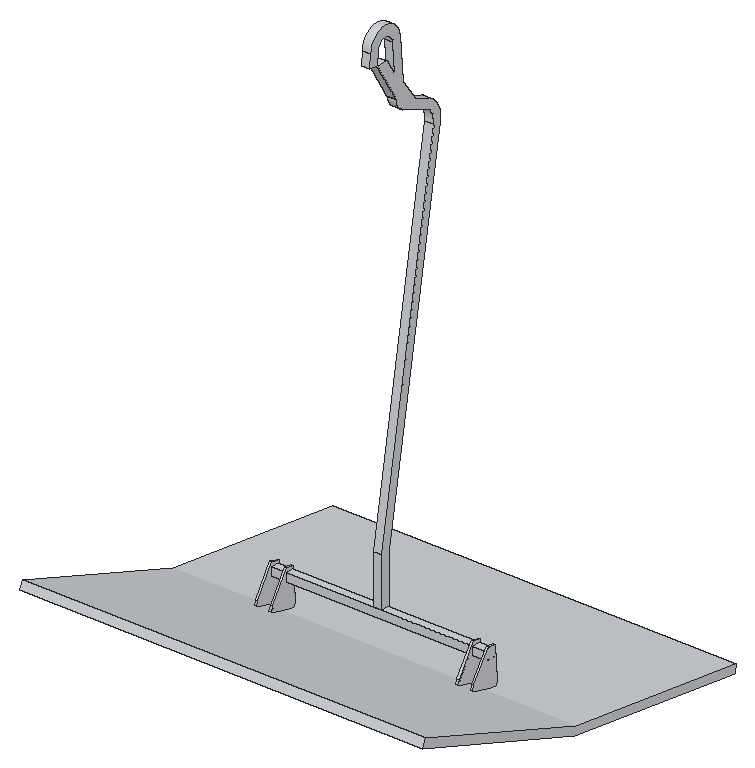
Revit family "4ft Forte Ceiling Panel", category Furniture, Revit 2011
Parameters (values of type "Forte 4' Ceiling")
  URL = "http://www.wengercorp.com/Home/Contact.html"
  Toekick Material [instance] = none
  RH End Panel [instance] = no
  Model = "60"
  Manufacturer = "Wenger Corporation"
  LH End Panel [instance] = no
  End Panel Material [instance] = none
  Edge Banding Material [instance] = none
  Door Material [instance] = none
  Description = "Standard 16' Forte Tower"
  Assembly Code = ""
Reference planes (in)
  plane 1 "Top View 2D location": z = 270
  plane 2: x = 22.64221
  plane 3: x = 46.64221
  plane 4: x = 34.64221
  plane 5: y = 855.02239
  plane 6: z = 199.94228
  plane 7: through (480, 877.28627, 193.231) normal (0, -0.2588, -0.9659)
Forms (in)
  Extrusion 1, solid
    sketch origin (58.64221, 162.07056, 100.57317) x (0, -0.99962, 0.027573) y (0, 0.027573, 0.99962)
      loop
        arc (-666.01623, 123.40557) -> (-688.63377, 115.48987) -> (-712.38896, 112.34304) r 117.12158
        line (-712.38896, 112.34304) -> (-712.354, 111.34306)
        arc (-712.354, 111.34306) -> (-688.40365, 114.51754) -> (-665.60018, 122.49866) r 118.11957
        line (-665.60018, 122.49866) -> (-666.01623, 123.40557)
    from 0 to 48
  Extrusion 2, solid
    sketch origin (47.39227, 177.94081, 64.71877) x (0, 1, 0) y (0, 0, 1)
      loop
        line (674.00797, 132.83014) -> (677.38539, 131.92516) -> (677.56163, 132.58292) -> (677.27009, 136.39071) -> (676.32685, 136.64345) -> (674.17486, 133.45299) -> (674.00797, 132.83014)
    from 0 to 0.25
  Extrusion 3, solid
    sketch origin (45.64221, 177.94081, 64.71877) x (0, 1, 0) y (0, 0, 1)
      loop
        line (674.00797, 132.83014) -> (677.38539, 131.92516) -> (677.56163, 132.58292) -> (677.27009, 136.39071) -> (676.32685, 136.64345) -> (674.17486, 133.45299) -> (674.00797, 132.83014)
    from 0 to 0.25
  Extrusion 4, solid
    sketch origin (23.39227, 177.94081, 64.71877) x (0, 1, 0) y (0, 0, 1)
      loop
        line (674.00797, 132.83014) -> (677.38539, 131.92516) -> (677.56163, 132.58292) -> (677.27009, 136.39071) -> (676.32685, 136.64345) -> (674.17486, 133.45299) -> (674.00797, 132.83014)
    from 0 to 0.25
  Extrusion 5, solid
    sketch origin (21.64221, 177.94081, 64.71877) x (0, 1, 0) y (0, 0, 1)
      loop
        line (674.00797, 132.83014) -> (677.38539, 131.92516) -> (677.56163, 132.58292) -> (677.27009, 136.39071) -> (676.32685, 136.64345) -> (674.17486, 133.45299) -> (674.00797, 132.83014)
    from 0 to 0.25
  Extrusion 6, solid
    sketch origin (47.64221, 177.94081, 64.71877) x (0, -1, 0) y (0, 0, 1)
      loop
        line (-676.08984, 136.22351) -> (-677.08984, 136.22351) -> (-677.08984, 135.22351) -> (-676.08984, 135.22351) -> (-676.08984, 136.22351)
    from -0.00006 to 26
  Extrusion 7, solid
    sketch origin (35.14221, 177.94081, 64.71877) x (0, -1, 0) y (0, 0, 1)
      loop
        line (-676.08984, 136.22351) -> (-676.08984, 142.15091) -> (-683.74531, 184.74649)
        arc (-683.74531, 184.74649) -> (-683.52247, 186.04739) -> (-682.53733, 186.92575) r 1.99868
        line (-682.53733, 186.92575) -> (-679.18968, 188.30833)
        arc (-679.18968, 188.30833) -> (-678.51213, 188.86132) -> (-678.25322, 189.69669) r 1.51471
        line (-678.25322, 189.69669) -> (-678.22809, 189.98616) -> (-678.11876, 189.92046) -> (-675.41481, 194.42059) -> (-675.61622, 194.54161) -> (-676.79761, 194.54161) -> (-678.02626, 192.52702) -> (-677.71045, 196.13677)
        arc (-677.71045, 196.13677) -> (-676.60544, 197.16721) -> (-675.46514, 196.17596) r 1.12901
        line (-675.46514, 196.17596) -> (-675.28077, 194.67438) -> (-674.29725, 194.79514) -> (-674.47868, 196.27279)
        arc (-674.47868, 196.27279) -> (-676.48611, 198.40857) -> (-678.68271, 196.46788) r 2.10527
        line (-678.68271, 196.46788) -> (-679.13378, 191.31212) -> (-681.0882, 188.62209) -> (-683.26307, 187.69892) -> (-683.58867, 187.4793) -> (-683.92627, 187.17532) -> (-684.22577, 186.8184) -> (-684.46298, 186.45311) -> (-684.66827, 185.88909) -> (-684.74174, 185.54344) -> (-684.77793, 185.12974) -> (-684.72834, 184.56291) -> (-677.11492, 142.20128) -> (-677.10486, 142.08627) -> (-677.08984, 141.91467) -> (-677.08984, 136.22351) -> (-676.08984, 136.22351)
    from 0 to 1
Dimensions and locks (in)
  equal spacing: plane 2, plane 4, plane 3, locked at 12 each
  Extrusion 1 sketch curve to Extrusion 1 sketch curve = 0' - 0.99779"
  locked: Extrusion 1 sketch curve to Extrusion 1 sketch curve at 1.00059
  Extrusion 1 to Extrusion 5 to Extrusion 4 to Extrusion 7 to Extrusion 7 to Extrusion 3 to Extrusion 2 to Extrusion 1 = 0' - 11 1/4" locked, 0' - 1.75006" locked, 0' - 10.49994" locked, 0' - 1" locked, 0' - 10 1/2" locked, 0' - 1.75006" locked, 0' - 11.24994" locked
  locked: Extrusion 2 to Extrusion 2 at 0.25
  locked: Extrusion 3 to Extrusion 3 at 0.25
  Extrusion 7 to Extrusion 7 = 0' - 1"
  locked: Extrusion 4 to Extrusion 4 at 0.25
  locked: Extrusion 5 to Extrusion 5 at 0.25
  locked: plane 5 to Extrusion 7 at 7.69636
  locked: Extrusion 2 to plane 6 at 1.41994
  locked: Extrusion 7 to plane 5 at 0.99174
  locked: Extrusion 6 to plane 6 at 1
  locked: Extrusion 7 to plane 6 at 63.18732
  radius of Extrusion 1 sketch curve = 9' - 9.12158"
  locked: plane 7 to plane 6 (angle 14.9975°)
Automatic sketch dimensions
  Extrusion 2 sketch curve to Extrusion 2 sketch curve = 0' - 0.16689"
  Extrusion 2 sketch curve to plane 1 "Top View 2D location" = 6' - 1.35607"
  Extrusion 2 sketch curve to Extrusion 2 sketch curve = 0' - 0.65775"
  Extrusion 2 sketch curve to Extrusion 2 sketch curve = 0' - 3.80779"
  Extrusion 2 sketch curve to Extrusion 2 sketch curve = 0' - 0.25274"
  Extrusion 3 sketch curve to Extrusion 3 sketch curve = 0' - 0.16689"
  Extrusion 3 sketch curve to plane 1 "Top View 2D location" = 6' - 1.35607"
  Extrusion 3 sketch curve to Extrusion 3 sketch curve = 0' - 0.65775"
  Extrusion 3 sketch curve to Extrusion 3 sketch curve = 0' - 3.80779"
  Extrusion 3 sketch curve to Extrusion 3 sketch curve = 0' - 0.25274"
  Extrusion 4 sketch curve to Extrusion 4 sketch curve = 0' - 0.16689"
  Extrusion 4 sketch curve to plane 1 "Top View 2D location" = 6' - 1.35607"
  Extrusion 4 sketch curve to Extrusion 4 sketch curve = 0' - 0.65775"
  Extrusion 4 sketch curve to Extrusion 4 sketch curve = 0' - 3.80779"
  Extrusion 4 sketch curve to Extrusion 4 sketch curve = 0' - 0.25274"
  Extrusion 5 sketch curve to Extrusion 5 sketch curve = 0' - 0.16689"
  Extrusion 5 sketch curve to plane 1 "Top View 2D location" = 6' - 1.35607"
  Extrusion 5 sketch curve to Extrusion 5 sketch curve = 0' - 0.65775"
  Extrusion 5 sketch curve to Extrusion 5 sketch curve = 0' - 3.80779"
  Extrusion 5 sketch curve to Extrusion 5 sketch curve = 0' - 0.25274"
  Extrusion 6 sketch curve to plane 1 "Top View 2D location" = 5' - 10.05772"
  Extrusion 6 sketch curve to Extrusion 6 sketch curve = 0' - 1"  (x2)
  Extrusion 7 sketch curve to Extrusion 7 sketch curve = 0' - 0.10934"
  Extrusion 7 sketch curve to Extrusion 7 sketch curve = 0' - 0.13446"
  Extrusion 7 sketch curve to Extrusion 7 sketch curve = 0' - 0.97226"
  Extrusion 7 sketch curve to Extrusion 7 sketch curve = 0' - 0.90568"
  Extrusion 7 sketch curve to Extrusion 7 sketch curve = 0' - 0.93646"
  Extrusion 7 sketch curve to Extrusion 7 sketch curve = 0' - 0.5782"
  Extrusion 7 sketch curve to Extrusion 7 sketch curve = 0' - 1 41/128"
  Extrusion 7 sketch curve to Extrusion 7 sketch curve = 0' - 0.68619"
  Extrusion 7 sketch curve to Extrusion 7 sketch curve = 0' - 0.76295"
  Extrusion 7 sketch curve to Extrusion 7 sketch curve = 0' - 0.72574"
  Extrusion 7 sketch curve to Extrusion 7 sketch curve = 0' - 0.3256"
  Extrusion 7 sketch curve to Extrusion 7 sketch curve = 0' - 1.97093"
  Extrusion 7 sketch curve to Extrusion 7 sketch curve = 0' - 0.3376"
  Extrusion 7 sketch curve to Extrusion 7 sketch curve = 0' - 0.29949"
  Extrusion 7 sketch curve to Extrusion 7 sketch curve = 0' - 0.23722"
  Extrusion 7 sketch curve to Extrusion 7 sketch curve = 0' - 0.20529"
  Extrusion 7 sketch curve to Extrusion 7 sketch curve = 0' - 0.98303"
  Extrusion 7 sketch curve to Extrusion 7 sketch curve = 0' - 0.07347"
  Extrusion 7 sketch curve to Extrusion 7 sketch curve = 0' - 0.03619"
  Extrusion 7 sketch curve to Extrusion 7 sketch curve = 0' - 0.00203"
  Extrusion 7 sketch curve to Extrusion 7 sketch curve = 0' - 1.18139"
  Extrusion 7 sketch curve to Extrusion 7 sketch curve = 0' - 1.11856"
  Extrusion 7 sketch curve to Extrusion 7 sketch curve = 0' - 0.20141"
  Extrusion 7 sketch curve to Extrusion 7 sketch curve = 0' - 0.13404"
  Extrusion 7 sketch curve to Extrusion 7 sketch curve = 0' - 0.98645"
  Extrusion 7 sketch curve to Extrusion 7 sketch curve = 0' - 0.98352"
  Extrusion 7 sketch curve to plane 1 "Top View 2D location" = 5' - 9.05772"
  Extrusion 7 sketch curve to Extrusion 7 sketch curve = 0' - 5.69116"
  Extrusion 7 sketch curve to Extrusion 7 sketch curve = 0' - 0.1716"
  Extrusion 7 sketch curve to Extrusion 7 sketch curve = 0' - 0.06464"
  Extrusion 7 sketch curve to Extrusion 7 sketch curve = 0' - 0.11501"
  Extrusion 7 sketch curve to plane 1 "Top View 2D location" = 1' - 8.71832"
  Extrusion 7 sketch curve to Extrusion 7 sketch curve = 0' - 0 47/256"
  Extrusion 7 sketch curve to Extrusion 7 sketch curve = 0' - 0.33192"
  Extrusion 7 sketch curve to Extrusion 7 sketch curve = 0' - 0.56683"
  Extrusion 7 sketch curve to Extrusion 7 sketch curve = 0' - 0.4137"
  Extrusion 7 sketch curve to Extrusion 7 sketch curve = 0' - 0.34565"
  Extrusion 7 sketch curve to Extrusion 7 sketch curve = 0' - 0.56402"
  Extrusion 7 sketch curve to Extrusion 7 sketch curve = 0' - 0.36529"
  Extrusion 7 sketch curve to Extrusion 7 sketch curve = 0' - 0.35692"
  Extrusion 7 sketch curve to Extrusion 7 sketch curve = 0' - 0.30398"
  Extrusion 7 sketch curve to Extrusion 7 sketch curve = 0' - 0.21962"
  Extrusion 7 sketch curve to Extrusion 7 sketch curve = 0' - 1.38258"
  Extrusion 7 sketch curve to Extrusion 7 sketch curve = 0' - 0.31376"
  Extrusion 7 sketch curve to Extrusion 7 sketch curve = 0' - 1.38836"
  Extrusion 7 sketch curve to Extrusion 7 sketch curve = 0' - 0.22378"
  Extrusion 7 sketch curve to Extrusion 7 sketch curve = 0' - 0.0657"
  Extrusion 7 sketch curve to Extrusion 7 sketch curve = 0' - 1.32597"
  Extrusion 7 sketch curve to Extrusion 7 sketch curve = 0' - 1.2149"
  Extrusion 7 sketch curve to Extrusion 7 sketch curve = 0' - 0.25378"
  Extrusion 7 sketch curve to Extrusion 7 sketch curve = 0' - 0.12076"
  Extrusion 7 sketch curve to Extrusion 7 sketch curve = 0' - 0.13759"
  Extrusion 7 sketch curve to Extrusion 7 sketch curve = 0' - 0.26719"
  Extrusion 2 sketch curve to Extrusion 2 sketch curve = 0' - 2.15199"
  Extrusion 2 sketch curve to Extrusion 2 sketch curve = 0' - 0.94324"
  Extrusion 2 sketch curve to Extrusion 2 sketch curve = 0' - 3.37742"
  Extrusion 2 sketch curve to Extrusion 2 sketch curve = 0' - 0.17624"
  Extrusion 3 sketch curve to Extrusion 3 sketch curve = 0' - 2.15199"
  Extrusion 3 sketch curve to Extrusion 3 sketch curve = 0' - 0.94324"
  Extrusion 3 sketch curve to Extrusion 3 sketch curve = 0' - 3.37742"
  Extrusion 3 sketch curve to Extrusion 3 sketch curve = 0' - 0.17624"
  Extrusion 4 sketch curve to Extrusion 4 sketch curve = 0' - 2.15199"
  Extrusion 4 sketch curve to Extrusion 4 sketch curve = 0' - 0.94324"
  Extrusion 4 sketch curve to Extrusion 4 sketch curve = 0' - 3.37742"
  Extrusion 4 sketch curve to Extrusion 4 sketch curve = 0' - 0.17624"
  Extrusion 5 sketch curve to Extrusion 5 sketch curve = 0' - 2.15199"
  Extrusion 5 sketch curve to Extrusion 5 sketch curve = 0' - 0.94324"
  Extrusion 5 sketch curve to Extrusion 5 sketch curve = 0' - 3.37742"
  Extrusion 5 sketch curve to Extrusion 5 sketch curve = 0' - 0.17624"
  Extrusion 7 sketch curve to plane 1 "Top View 2D location" = 0' - 8.81335"
  Extrusion 7 sketch curve to Extrusion 7 sketch curve = 0' - 0.45107"
  Extrusion 7 sketch curve to Extrusion 7 sketch curve = 0' - 1.10752"
  Extrusion 7 sketch curve to Extrusion 7 sketch curve = 0' - 0.01006"
  Extrusion 7 sketch curve to Extrusion 7 sketch curve = 0' - 0.01501"
  Extrusion 7 sketch curve to Extrusion 7 sketch curve = 0' - 0.91284"
  Extrusion 7 sketch curve to Extrusion 7 sketch curve = 0' - 1"
  Extrusion 2 sketch curve to plane 5 = 0' - 3.07361"
  Extrusion 3 sketch curve to plane 5 = 0' - 3.07361"
  Extrusion 4 sketch curve to plane 5 = 0' - 3.07361"
  Extrusion 5 sketch curve to plane 5 = 0' - 3.07361"
  plane 5 to Extrusion 6 sketch curve = 0' - 0.00826"
  plane 5 to Extrusion 7 sketch curve = 0' - 7.69636"
  plane 5 to Extrusion 7 sketch curve = 0' - 0.03334"
  plane 1 "Top View 2D location" to Extrusion 1 sketch curve = 3' - 4.16075"
  plane 5 to Extrusion 1 sketch curve = 2' - 4.91929"
  Extrusion 1 sketch curve to Extrusion 1 sketch curve = 0' - 0.00647"
  Extrusion 1 sketch curve to Extrusion 1 sketch curve = 0' - 3.4288"
  Extrusion 1 sketch curve to Extrusion 1 sketch curve = 0' - 0.03496"
  Extrusion 1 sketch curve to Extrusion 1 sketch curve = 3' - 10.37274"
  Extrusion 1 sketch curve to Extrusion 1 sketch curve = 0' - 0.41604"
Nested families (in)
  nested 1: "Labels" at (35.25843, 827.57691, 0), type "4'"
Definition of nested family "Labels"
  Parameters (values of type "Standard")
    Cabinet Label = "01"
  Types (4): name | Cabinet Label
    Standard | "01"
    Narrow | "01N"
    Narrow Acoustic | "01NA"
    Acoustic | "01A"
  Reference planes (in)
    plane 1: y = 0
    plane 2: x = 0
  Text (in)
    label "xxxx" at (-0.00018, 0.00754, 0), shows "Cabinet Label"
